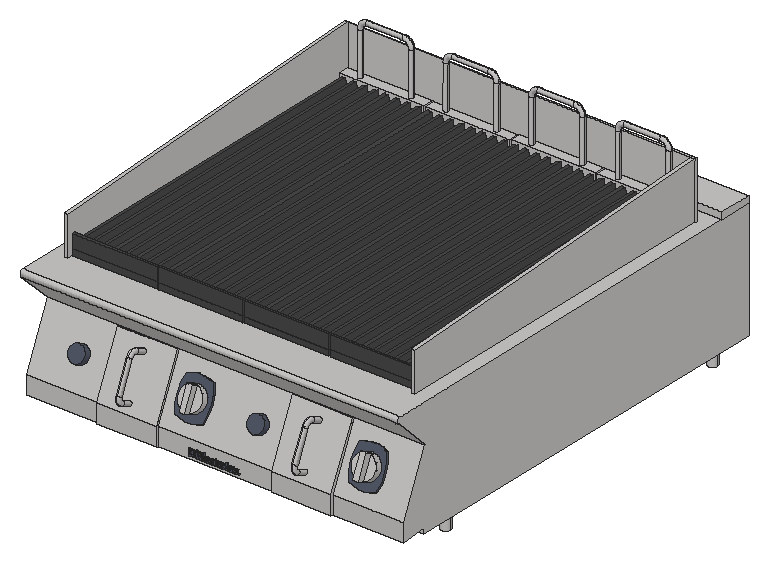
Revit family "QF_ELECTROLUXPROFESSIONAL_391187_E9GRTHGC0P", category Specialty Equipment, Revit 2018 (continued)
Automatic sketch dimensions
  Extrusion 17 sketch curve to Extrusion 17 sketch curve = 1.557 mm
  Extrusion 17 sketch curve to Extrusion 17 sketch curve = 2.499 mm
  Extrusion 17 sketch curve to Extrusion 17 sketch curve = 3.062 mm
  Extrusion 17 sketch curve to Extrusion 17 sketch curve = 2.968 mm
  Extrusion 17 sketch curve to Extrusion 17 sketch curve = 5.044 mm
  Extrusion 17 sketch curve to Extrusion 17 sketch curve = 0.629 mm  (x2)
  Extrusion 17 sketch curve to Extrusion 17 sketch curve = 1.131 mm
  Extrusion 17 sketch curve to Extrusion 17 sketch curve = 0.137 mm
  Extrusion 17 sketch curve to Extrusion 17 sketch curve = 0.027 mm
  Extrusion 17 sketch curve to Extrusion 17 sketch curve = 2.235 mm
  Split face 1 sketch curve to Split face 1 sketch curve = 9.684 mm
  Split face 1 sketch curve to Split face 1 sketch curve = 18.622 mm
  Split face 1 sketch curve to Split face 1 sketch curve = 2.959 mm
  Split face 1 sketch curve to Split face 1 sketch curve = 21.994 mm
  Split face 1 sketch curve to Split face 1 sketch curve = 5.035 mm
  Split face 1 sketch curve to Split face 1 sketch curve = 10.085 mm
  Split face 1 sketch curve to Split face 1 sketch curve = 5.244 mm
  Split face 2 sketch curve to Split face 2 sketch curve = 9.635 mm
  Split face 2 sketch curve to Split face 2 sketch curve = 17.821 mm
  Split face 2 sketch curve to Split face 2 sketch curve = 4.557 mm
  Split face 2 sketch curve to Split face 2 sketch curve = 14.42 mm
  Split face 2 sketch curve to Split face 2 sketch curve = 22.055 mm
  Split face 2 sketch curve to Split face 2 sketch curve = 3.318 mm
  Extrusion 18 sketch curve to plane 12 = 113.904 mm
  Extrusion 18 sketch curve to Extrusion 18 sketch curve = 0 mm
  Extrusion 18 sketch curve to Extrusion 18 sketch curve = 12.3 mm  (x3)
  Extrusion 18 sketch curve to Extrusion 18 sketch curve = 34.925 mm  (x2)
  Extrusion 18 sketch curve to Extrusion 18 sketch curve = 46.691 mm
  Extrusion 18 sketch curve to Extrusion 18 sketch curve = 0.617 mm
  Extrusion 18 sketch curve to Extrusion 18 sketch curve = 28.57 mm
  Extrusion 18 sketch curve to Extrusion 18 sketch curve = 29.185 mm
  Split face 3 sketch curve to Split face 3 sketch curve = 9.684 mm
  Split face 3 sketch curve to Split face 3 sketch curve = 18.622 mm
  Split face 3 sketch curve to Split face 3 sketch curve = 2.959 mm
  Split face 3 sketch curve to Split face 3 sketch curve = 21.994 mm
  Split face 3 sketch curve to Split face 3 sketch curve = 5.035 mm
  Split face 3 sketch curve to Split face 3 sketch curve = 10.085 mm
  Split face 3 sketch curve to Split face 3 sketch curve = 5.244 mm
  Split face 4 sketch curve to Split face 4 sketch curve = 9.635 mm
  Split face 4 sketch curve to Split face 4 sketch curve = 17.821 mm
  Split face 4 sketch curve to Split face 4 sketch curve = 4.557 mm
  Split face 4 sketch curve to Split face 4 sketch curve = 14.42 mm
  Split face 4 sketch curve to Split face 4 sketch curve = 22.055 mm
  Split face 4 sketch curve to Split face 4 sketch curve = 3.318 mm
  plane 13 to Sweep 19 sketch curve = 5.713 mm
  plane 13 to Sweep 19 sketch curve = 11.94 mm
  Sweep 19 sketch curve to Sweep 19 sketch curve = 5.31 mm  (x3)
  Sweep 19 sketch curve to Sweep 19 sketch curve = 20.629 mm  (x2)
  plane 13 to Sweep 19 sketch curve = 33.261 mm
  Sweep 19 sketch curve to Sweep 19 sketch curve = 11.537 mm  (x2)
  plane 9 to Sweep 19 sketch curve = 63.498 mm
  Sweep 19 sketch curve to Sweep 19 sketch curve = 9.495 mm
  Sweep 19 sketch curve to Sweep 19 sketch curve = 59.852 mm
  Sweep 19 sketch curve to Sweep 19 sketch curve = 2.042 mm
  Sweep 19 sketch curve to profile plane = 0 mm  (x2)
  plane 13 to Sweep 20 sketch curve = 5.713 mm
  plane 13 to Sweep 20 sketch curve = 11.94 mm
  Sweep 20 sketch curve to Sweep 20 sketch curve = 11.537 mm  (x2)
  Sweep 20 sketch curve to Sweep 20 sketch curve = 20.629 mm  (x2)
  plane 13 to Sweep 20 sketch curve = 33.261 mm
  Sweep 20 sketch curve to Sweep 20 sketch curve = 5.31 mm  (x2)
  Sweep 20 sketch curve to plane 6 "TOP" = 95.082 mm
  Sweep 20 sketch curve to Sweep 20 sketch curve = 6.227 mm
  Sweep 20 sketch curve to Sweep 20 sketch curve = 9.495 mm  (x2)
  Sweep 20 sketch curve to Sweep 20 sketch curve = 59.852 mm
  profile plane to Sweep 20 sketch curve = 0 mm
  Sweep 20 sketch curve to profile plane = 0 mm
  Extrusion 21 sketch curve to plane 12 = 25.525 mm
  plane 1 "BACK" to Extrusion 21 sketch curve = 130.285 mm  (x2)
  Extrusion 21 sketch curve to Extrusion 21 sketch curve = 0 mm  (x4)
  Extrusion 21 sketch curve to plane 11 = 25.625 mm
  Extrusion 21 sketch curve to plane 7 "Center Y" = 1.55 mm
  Extrusion 21 sketch curve to plane 8 "Center X" = 371.985 mm  (x2)
  Extrusion 21 sketch curve to Extrusion 21 sketch curve = 180.112 mm
  Extrusion 21 sketch curve to Extrusion 21 sketch curve = 3.2 mm  (x2)
  plane 7 "Center Y" to Extrusion 21 sketch curve = 1.65 mm
  Extrusion 21 sketch curve to Extrusion 21 sketch curve = 178.512 mm
  plane 7 "Center Y" to Extrusion 22 sketch curve = 1.65 mm
  plane 1 "BACK" to Extrusion 22 sketch curve = 107.795 mm  (x2)
  Extrusion 22 sketch curve to plane 11 = 25.625 mm
  Extrusion 22 sketch curve to Extrusion 22 sketch curve = 0 mm  (x4)
  Extrusion 22 sketch curve to Extrusion 22 sketch curve = 22.49 mm  (x2)
  Extrusion 22 sketch curve to Extrusion 22 sketch curve = 180.112 mm
  Extrusion 22 sketch curve to Extrusion 22 sketch curve = 3.2 mm  (x2)
  Extrusion 22 sketch curve to plane 7 "Center Y" = 1.55 mm
  Extrusion 22 sketch curve to Extrusion 22 sketch curve = 178.513 mm
  Extrusion 22 sketch curve to plane 12 = 25.525 mm
  nested 1 to Extrusion 23 sketch curve = 702.786 mm
  Extrusion 23 sketch curve to nested 1 = 0 mm
  nested 1 to Extrusion 23 sketch curve = 707.289 mm
  Extrusion 23 sketch curve to Extrusion 23 sketch curve = 29.008 mm
  nested 1 to Extrusion 23 sketch curve = 524.806 mm
  nested 1 to Extrusion 23 sketch curve = 521.643 mm
  Extrusion 23 sketch curve to Extrusion 23 sketch curve = 0.491 mm  (x4)
  nested 1 to Extrusion 23 sketch curve = 345.244 mm
  Extrusion 23 sketch curve to Extrusion 23 sketch curve = 27.385 mm  (x2)
  nested 1 to Extrusion 23 sketch curve = 526.147 mm
  nested 1 to Extrusion 23 sketch curve = 342.082 mm
  nested 1 to Extrusion 23 sketch curve = 165.682 mm
  nested 1 to Extrusion 23 sketch curve = 346.585 mm
  nested 1 to Extrusion 23 sketch curve = 162.52 mm
  nested 1 to Extrusion 23 sketch curve = 167.024 mm
  Extrusion 23 sketch curve to nested 1 = 15.46 mm
  plane 6 "TOP" to Sweep 24 sketch curve = 37.056 mm  (x2)
  Sweep 24 sketch curve to plane 10 = 20.058 mm  (x2)
  Sweep 24 sketch curve to plane 10 = 4.818 mm
  Sweep 24 sketch curve to plane 11 = 169.265 mm
  Sweep 24 sketch curve to plane 11 = 76.583 mm
  Sweep 24 sketch curve to profile plane = 0 mm
  profile plane to Sweep 24 sketch curve = 0 mm
  plane 6 "TOP" to Sweep 25 sketch curve = 37.056 mm  (x2)
  Sweep 25 sketch curve to plane 10 = 20.058 mm  (x2)
  Sweep 25 sketch curve to plane 10 = 4.818 mm
  Sweep 25 sketch curve to plane 7 "Center Y" = 38.079 mm
  Sweep 25 sketch curve to Sweep 25 sketch curve = 77.443 mm
  Sweep 25 sketch curve to profile plane = 0 mm
  profile plane to Sweep 25 sketch curve = 0 mm
  Extrusion 26 sketch curve to plane 6 "TOP" = 0 mm
  Extrusion 26 sketch curve to plane 10 = 27.638 mm
  plane 1 "BACK" to Extrusion 26 sketch curve = 104.885 mm
  Extrusion 26 sketch curve to plane 5 "FRONT" = 82 mm
  Extrusion 26 sketch curve to plane 10 = 66.495 mm
  Extrusion 27 sketch curve to Extrusion 26 = 0 mm  (x3)
  Extrusion 27 sketch curve to Extrusion 26 = 736.3 mm
  plane 6 "TOP" to Sweep 28 sketch curve = 37.056 mm  (x2)
  Sweep 28 sketch curve to plane 10 = 20.058 mm  (x2)
  Sweep 28 sketch curve to plane 10 = 4.818 mm
  Sweep 28 sketch curve to plane 12 = 62.024 mm
  Sweep 28 sketch curve to Sweep 28 sketch curve = 77.443 mm
  Sweep 28 sketch curve to profile plane = 0 mm
  profile plane to Sweep 28 sketch curve = 0 mm
  plane 6 "TOP" to Sweep 29 sketch curve = 37.056 mm  (x2)
  Sweep 29 sketch curve to plane 10 = 20.058 mm  (x2)
  Sweep 29 sketch curve to plane 10 = 4.818 mm
  plane 7 "Center Y" to Sweep 29 sketch curve = 143.679 mm
  plane 7 "Center Y" to Sweep 29 sketch curve = 50.997 mm
  Sweep 29 sketch curve to profile plane = 0 mm
  profile plane to Sweep 29 sketch curve = 0 mm
  plane 1 "BACK" to Extrusion 30 sketch curve = 0 mm
  Extrusion 30 sketch curve to plane 3 "LEFT" = 0 mm
  plane 1 "BACK" to Extrusion 30 sketch curve = 69.85 mm
  Extrusion 30 sketch curve to plane 4 "RIGHT" = 0.1 mm
  Extrusion 31 sketch curve to plane 6 "TOP" = 0 mm
  Extrusion 31 sketch curve to plane 10 = 27.638 mm
  plane 1 "BACK" to Extrusion 31 sketch curve = 104.885 mm
  Extrusion 31 sketch curve to plane 5 "FRONT" = 82 mm
  Extrusion 31 sketch curve to plane 10 = 66.495 mm
  Extrusion 32 sketch curve to Extrusion 1 = 52.1 mm
  plane 5 "FRONT" to curve 21 = 0 mm
  plane 1 "BACK" to curve 24 = 0 mm
  curve 24 to plane 3 "LEFT" = 0 mm
  plane 5 "FRONT" to curve 3 = 0 mm
  curve 25 to plane 4 "RIGHT" = 0 mm
  plane 5 "FRONT" to curve 19 = 0 mm
  curve 20 to plane 3 "LEFT" = 150.019 mm
  curve 46 to plane 11 = 17.675 mm
  curve 43 to curve 44 = 6.35 mm
  curve 44 to curve 34 = 1.6 mm
  curve 68 to curve 74 = 35.691 mm
  plane 13 to curve 18 = 24.379 mm
  curve 18 to plane 11 = 140.15 mm
  curve 72 to curve 72 = 107.969 mm
  curve 3 to curve 18 = 57.928 mm
  curve 4 to curve 7 = 0 mm
  curve 7 to curve 8 = 4.572 mm
  curve 3 to curve 34 = 65.587 mm
  curve 35 to curve 37 = 3.2 mm
  curve 60 to curve 64 = 34.091 mm
  plane 13 to curve 1 = 24.379 mm
  curve 2 to curve 1 = 59.928 mm
  curve 64 to plane 7 "Center Y" = 38.003 mm
  curve 60 to plane 7 "Center Y" = 1.55 mm
  plane 7 "Center Y" to curve 54 = 1.65 mm
  plane 7 "Center Y" to curve 58 = 35.741 mm
  plane 13 to curve 11 = 24.379 mm
  plane 7 "Center Y" to curve 11 = 121.95 mm
  curve 55 to curve 57 = 107.969 mm
  curve 56 to curve 52 = 36.453 mm
  plane 13 to curve 16 = 4.565 mm
  curve 11 to curve 16 = 59.803 mm
  curve 12 to curve 15 = 0 mm
  curve 51 to curve 31 = 3.2 mm
  curve 16 to curve 16 = 4.572 mm
  curve 31 to curve 50 = 35.691 mm
  plane 14 to curve 9 = 99.05 mm
  plane 14 to curve 47 = 20.978 mm
  curve 31 to plane 14 = 15.475 mm
  curve 30 to curve 29 = 1.5 mm
  curve 28 to curve 46 = 6.35 mm  (x2)
  curve 20 to plane 4 "RIGHT" = 152 mm
  plane 13 to curve 8 = 4.565 mm
  curve 17 to curve 10 = 0 mm
  curve 17 to curve 13 = 46.357 mm
  curve 18 to curve 7 = 46.357 mm
  curve 5 to curve 6 = 0 mm
  curve 12 to curve 13 = 0 mm
  curve 12 to curve 12 = 1.912 mm
  curve 5 to curve 5 = 1.912 mm
  curve 29 to plane 5 "FRONT" = 82 mm
  curve 43 to plane 5 "FRONT" = 82 mm
  curve 67 to plane 5 "FRONT" = 93.015 mm
  curve 67 to curve 62 = 0 mm
  curve 51 to plane 5 "FRONT" = 93.015 mm
  curve 29 to curve 30 = 11.015 mm
  curve 30 to curve 41 = 5 mm
  curve 67 to curve 35 = 5 mm
  curve 38 to curve 39 = 5 mm
  curve 37 to curve 39 = 0 mm
  plane 1 "BACK" to curve 61 = 130.285 mm
  plane 1 "BACK" to curve 32 = 130.285 mm
  curve 53 to curve 32 = 0 mm
  plane 1 "BACK" to curve 69 = 130.285 mm
  curve 53 to curve 55 = 6.941 mm
  curve 61 to curve 63 = 6.941 mm
  curve 69 to curve 71 = 6.941 mm
  curve 32 to curve 47 = 6.941 mm
  curve 47 to curve 49 = 4.572 mm
  curve 55 to curve 58 = 4.572 mm
  curve 71 to curve 73 = 4.572 mm
  curve 63 to curve 65 = 4.572 mm
  curve 61 to curve 60 = 22.49 mm
  curve 32 to curve 31 = 22.49 mm
  curve 59 to curve 54 = 0 mm
  curve 69 to curve 70 = 22.49 mm
  curve 30 to curve 28 = 2.91 mm
  curve 27 to curve 26 = 28.685 mm
  curve 20 to plane 1 "BACK" = 203 mm
  radius of Extrusion 2 sketch curve = 9.525 mm  (x4)
  radius of Extrusion 4 sketch curve = 17.8 mm
  radius of Sweep 6 sketch curve = 4.572 mm
  radius of Extrusion 7 sketch curve = 17.8 mm
  radius of Sweep 9 sketch curve = 4.572 mm
  radius of Extrusion 13 sketch curve = 25.4 mm
  radius of Extrusion 14 sketch curve to Extrusion 13 = 0 mm  (x2)
  radius of Extrusion 15 sketch curve = 25.4 mm
  radius of Extrusion 16 sketch curve to Extrusion 15 = 0 mm  (x2)
  radius of Sweep 19 sketch curve = 4.572 mm
  radius of Sweep 20 sketch curve = 4.572 mm
  radius of Sweep 24 sketch curve = 4.572 mm
  radius of Sweep 25 sketch curve = 4.572 mm
  radius of Sweep 28 sketch curve = 4.572 mm
  radius of Sweep 29 sketch curve = 4.572 mm
  radius of Extrusion 33 sketch curve = 6.35 mm
  radius of Extrusion 32 sketch curve = 6.35 mm
Nested families
  nested 1: "391187_QF_Electrolux_GRILL" at (39.571, -130.285, 287.7), type "391187_QF_Electrolux_GRILL"
    with Type Mark "", Specification by User "", Revision Code "", Item Number "", Installed By "", Identify Quantity as Lot yes, Furnished By "", Foodservice Equipment Identifier yes
  nested 2: "391187_QF_Electrolux_GRILL" at (747.729, -130.285, 287.7), type "391187_QF_Electrolux_GRILL"
    with Type Mark "", Specification by User "", Revision Code "", Item Number "", Installed By "", Identify Quantity as Lot yes, Furnished By "", Foodservice Equipment Identifier yes
  nested 3: "391187_QF_Electrolux_GRILL" at (62.414, -130.285, 287.7), type "391187_QF_Electrolux_GRILL"
    with Type Mark "", Specification by User "", Revision Code "", Item Number "", Installed By "", Identify Quantity as Lot yes, Furnished By "", Foodservice Equipment Identifier yes
  nested 4: "391187_QF_Electrolux_GRILL" at (85.258, -130.285, 287.7), type "391187_QF_Electrolux_GRILL"
    with Type Mark "", Specification by User "", Revision Code "", Item Number "", Installed By "", Identify Quantity as Lot yes, Furnished By "", Foodservice Equipment Identifier yes
  nested 5: "391187_QF_Electrolux_GRILL" at (108.102, -130.285, 287.7), type "391187_QF_Electrolux_GRILL"
    with Type Mark "", Specification by User "", Revision Code "", Item Number "", Installed By "", Identify Quantity as Lot yes, Furnished By "", Foodservice Equipment Identifier yes
  nested 6: "391187_QF_Electrolux_GRILL" at (130.946, -130.285, 287.7), type "391187_QF_Electrolux_GRILL"
    with Type Mark "", Specification by User "", Revision Code "", Item Number "", Installed By "", Identify Quantity as Lot yes, Furnished By "", Foodservice Equipment Identifier yes
  nested 7: "391187_QF_Electrolux_GRILL" at (153.79, -130.285, 287.7), type "391187_QF_Electrolux_GRILL"
    with Type Mark "", Specification by User "", Revision Code "", Item Number "", Installed By "", Identify Quantity as Lot yes, Furnished By "", Foodservice Equipment Identifier yes
  nested 8: "391187_QF_Electrolux_GRILL" at (176.634, -130.285, 287.7), type "391187_QF_Electrolux_GRILL"
    with Type Mark "", Specification by User "", Revision Code "", Item Number "", Installed By "", Identify Quantity as Lot yes, Furnished By "", Foodservice Equipment Identifier yes
  nested 9: "391187_QF_Electrolux_GRILL" at (199.477, -130.285, 287.7), type "391187_QF_Electrolux_GRILL"
    with Type Mark "", Specification by User "", Revision Code "", Item Number "", Installed By "", Identify Quantity as Lot yes, Furnished By "", Foodservice Equipment Identifier yes
  nested 10: "391187_QF_Electrolux_GRILL" at (222.321, -130.285, 287.7), type "391187_QF_Electrolux_GRILL"
    with Type Mark "", Specification by User "", Revision Code "", Item Number "", Installed By "", Identify Quantity as Lot yes, Furnished By "", Foodservice Equipment Identifier yes
  nested 11: "391187_QF_Electrolux_GRILL" at (245.165, -130.285, 287.7), type "391187_QF_Electrolux_GRILL"
    with Type Mark "", Specification by User "", Revision Code "", Item Number "", Installed By "", Identify Quantity as Lot yes, Furnished By "", Foodservice Equipment Identifier yes
  nested 12: "391187_QF_Electrolux_GRILL" at (268.009, -130.285, 287.7), type "391187_QF_Electrolux_GRILL"
    with Type Mark "", Specification by User "", Revision Code "", Item Number "", Installed By "", Identify Quantity as Lot yes, Furnished By "", Foodservice Equipment Identifier yes
  nested 13: "391187_QF_Electrolux_GRILL" at (290.853, -130.285, 287.7), type "391187_QF_Electrolux_GRILL"
    with Type Mark "", Specification by User "", Revision Code "", Item Number "", Installed By "", Identify Quantity as Lot yes, Furnished By "", Foodservice Equipment Identifier yes
  nested 14: "391187_QF_Electrolux_GRILL" at (313.697, -130.285, 287.7), type "391187_QF_Electrolux_GRILL"
    with Type Mark "", Specification by User "", Revision Code "", Item Number "", Installed By "", Identify Quantity as Lot yes, Furnished By "", Foodservice Equipment Identifier yes
  nested 15: "391187_QF_Electrolux_GRILL" at (336.54, -130.285, 287.7), type "391187_QF_Electrolux_GRILL"
    with Type Mark "", Specification by User "", Revision Code "", Item Number "", Installed By "", Identify Quantity as Lot yes, Furnished By "", Foodservice Equipment Identifier yes
  nested 16: "391187_QF_Electrolux_GRILL" at (359.384, -130.285, 287.7), type "391187_QF_Electrolux_GRILL"
    with Type Mark "", Specification by User "", Revision Code "", Item Number "", Installed By "", Identify Quantity as Lot yes, Furnished By "", Foodservice Equipment Identifier yes
  nested 17: "391187_QF_Electrolux_GRILL" at (382.228, -130.285, 287.7), type "391187_QF_Electrolux_GRILL"
    with Type Mark "", Specification by User "", Revision Code "", Item Number "", Installed By "", Identify Quantity as Lot yes, Furnished By "", Foodservice Equipment Identifier yes
  nested 18: "391187_QF_Electrolux_GRILL" at (405.072, -130.285, 287.7), type "391187_QF_Electrolux_GRILL"
    with Type Mark "", Specification by User "", Revision Code "", Item Number "", Installed By "", Identify Quantity as Lot yes, Furnished By "", Foodservice Equipment Identifier yes
  nested 19: "391187_QF_Electrolux_GRILL" at (427.916, -130.285, 287.7), type "391187_QF_Electrolux_GRILL"
    with Type Mark "", Specification by User "", Revision Code "", Item Number "", Installed By "", Identify Quantity as Lot yes, Furnished By "", Foodservice Equipment Identifier yes
  nested 20: "391187_QF_Electrolux_GRILL" at (450.76, -130.285, 287.7), type "391187_QF_Electrolux_GRILL"
    with Type Mark "", Specification by User "", Revision Code "", Item Number "", Installed By "", Identify Quantity as Lot yes, Furnished By "", Foodservice Equipment Identifier yes
  nested 21: "391187_QF_Electrolux_GRILL" at (473.603, -130.285, 287.7), type "391187_QF_Electrolux_GRILL"
    with Type Mark "", Specification by User "", Revision Code "", Item Number "", Installed By "", Identify Quantity as Lot yes, Furnished By "", Foodservice Equipment Identifier yes
  nested 22: "391187_QF_Electrolux_GRILL" at (496.447, -130.285, 287.7), type "391187_QF_Electrolux_GRILL"
    with Type Mark "", Specification by User "", Revision Code "", Item Number "", Installed By "", Identify Quantity as Lot yes, Furnished By "", Foodservice Equipment Identifier yes
  nested 23: "391187_QF_Electrolux_GRILL" at (519.291, -130.285, 287.7), type "391187_QF_Electrolux_GRILL"
    with Type Mark "", Specification by User "", Revision Code "", Item Number "", Installed By "", Identify Quantity as Lot yes, Furnished By "", Foodservice Equipment Identifier yes
  nested 24: "391187_QF_Electrolux_GRILL" at (542.135, -130.285, 287.7), type "391187_QF_Electrolux_GRILL"
    with Type Mark "", Specification by User "", Revision Code "", Item Number "", Installed By "", Identify Quantity as Lot yes, Furnished By "", Foodservice Equipment Identifier yes
  nested 25: "391187_QF_Electrolux_GRILL" at (564.979, -130.285, 287.7), type "391187_QF_Electrolux_GRILL"
    with Type Mark "", Specification by User "", Revision Code "", Item Number "", Installed By "", Identify Quantity as Lot yes, Furnished By "", Foodservice Equipment Identifier yes
  nested 26: "391187_QF_Electrolux_GRILL" at (587.823, -130.285, 287.7), type "391187_QF_Electrolux_GRILL"
    with Type Mark "", Specification by User "", Revision Code "", Item Number "", Installed By "", Identify Quantity as Lot yes, Furnished By "", Foodservice Equipment Identifier yes
  nested 27: "391187_QF_Electrolux_GRILL" at (610.666, -130.285, 287.7), type "391187_QF_Electrolux_GRILL"
    with Type Mark "", Specification by User "", Revision Code "", Item Number "", Installed By "", Identify Quantity as Lot yes, Furnished By "", Foodservice Equipment Identifier yes
  nested 28: "391187_QF_Electrolux_GRILL" at (633.51, -130.285, 287.7), type "391187_QF_Electrolux_GRILL"
    with Type Mark "", Specification by User "", Revision Code "", Item Number "", Installed By "", Identify Quantity as Lot yes, Furnished By "", Foodservice Equipment Identifier yes
  nested 29: "391187_QF_Electrolux_GRILL" at (656.354, -130.285, 287.7), type "391187_QF_Electrolux_GRILL"
    with Type Mark "", Specification by User "", Revision Code "", Item Number "", Installed By "", Identify Quantity as Lot yes, Furnished By "", Foodservice Equipment Identifier yes
  nested 30: "391187_QF_Electrolux_GRILL" at (679.198, -130.285, 287.7), type "391187_QF_Electrolux_GRILL"
    with Type Mark "", Specification by User "", Revision Code "", Item Number "", Installed By "", Identify Quantity as Lot yes, Furnished By "", Foodservice Equipment Identifier yes
  nested 31: "391187_QF_Electrolux_GRILL" at (702.042, -130.285, 287.7), type "391187_QF_Electrolux_GRILL"
    with Type Mark "", Specification by User "", Revision Code "", Item Number "", Installed By "", Identify Quantity as Lot yes, Furnished By "", Foodservice Equipment Identifier yes
  nested 32: "391187_QF_Electrolux_GRILL" at (724.886, -130.285, 287.7), type "391187_QF_Electrolux_GRILL"
    with Type Mark "", Specification by User "", Revision Code "", Item Number "", Installed By "", Identify Quantity as Lot yes, Furnished By "", Foodservice Equipment Identifier yes
Connectors
  piping at (748, -663, 15), diameter 12.8
    settings: on Extrusion 32, index 1, connector inside diameter 0.50394", connector length 0 mm, flow factor 0, pipe flow 0 GPM, pressure drop 0.00 psi, fitting loss kfactor 0, connector angle 0.00°, fixture units 0, engagement length 0 mm, angle of deflection 0.00°, flow configuration 1, flow direction 1, fitting loss method 0, system type 7, joint type 0, gender type 0, connector reference index -1, connector utility 0, adjustable connector no, is connector primary yes, connector description "GAS CONNECTION"
  piping at (748, -50, 78), diameter 12.8
    settings: on Extrusion 33, index 2, connector inside diameter 0.50394", connector length 0 mm, flow factor 0, pipe flow 0 GPM, pressure drop 0.00 psi, fitting loss kfactor 0, connector angle 0.00°, fixture units 0, engagement length 0 mm, angle of deflection 0.00°, flow configuration 1, flow direction 1, fitting loss method 0, system type 7, joint type 0, gender type 0, connector reference index -1, connector utility 0, adjustable connector no, is connector primary no, connector description "GAS CONNECTION"
Definition of nested family "391187_QF_Electrolux_GRILL"
  Parameters
    Weight in Pounds = 0
    URL Cutsheet = ""
    URL = ""
    Type Mark [instance] = ""
    Specification by User [instance] = ""
    Specification by Manufacturer = ""
    Serial Number = ""
    Seismic Rating = ""
    SMACNA No = ""
    Revision Code [instance] = ""
    Omniclass Number and Title = ""
    NAFEM Spec ID Number = ""
    Model = ""
    Masterspec = ""
    Manufacturer = ""
    Item Number [instance] = ""
    Installed By [instance] = ""
    Identify Quantity as Lot [instance] = yes
    Furnished By [instance] = ""
    Foodservice Equipment Identifier [instance] = yes
    Description = ""
    CSI MasterFormat = ""
    CSI Master Format = ""
    Assembly Code = ""
  Reference planes
    plane 1 "BACK": y = 0
    plane 2: z = 0
    plane 3 "LEFT": x = 0
    plane 4 "RIGHT": x = 12.7
    plane 5 "FRONT": y = -701.7
    plane 6 "TOP": z = 19.576
    plane 7 "Center Y": x = 6.35
    plane 8 "Center X": y = -350.85
    plane 9: y = -147.637
  Forms (mm)
    Extrusion 1, solid
      sketch origin (-1.421, -501.68, -12.7) x (1, 0, 0) y (0, 0, 1)
        loop
          line (1.421, 12.7) -> (14.121, 12.7) -> (11.081, 32.276) -> (4.46, 32.276) -> (1.421, 12.7)
      from 200.02 to -501.68
  Lines and regions (mm)
    symbolic lines
      curve 1: line (0, 0, 0) -> (12.7, 0, 0)
      curve 2: line (0, -701.7, 0) -> (0, 0, 0)
      curve 3: line (12.7, -701.7, 0) -> (0, -701.7, 0)
      curve 4: line (12.7, 0, 0) -> (12.7, -701.7, 0)
  Dimensions and locks
    equal spacing: plane 3 "LEFT", plane 7 "Center Y", plane 4 "RIGHT"
    plane 3 "LEFT" to plane 4 "RIGHT" = 12.7 mm
    equal spacing: plane 5 "FRONT", plane 8 "Center X", plane 1 "BACK"
    plane 5 "FRONT" to plane 1 "BACK" = 701.7 mm
    plane 6 "TOP" to level = 19.576 mm
    plane 1 "BACK" to plane 5 "FRONT" = 701.7 mm
    aligned and locked: level to plane 2
  Automatic sketch dimensions
    Extrusion 1 sketch curve to level = 0 mm
    Extrusion 1 sketch curve to plane 3 "LEFT" = 0 mm
    Extrusion 1 sketch curve to plane 6 "TOP" = 0 mm
    Extrusion 1 sketch curve to plane 4 "RIGHT" = 0 mm
    plane 3 "LEFT" to Extrusion 1 sketch curve = 3.039 mm
    Extrusion 1 sketch curve to plane 4 "RIGHT" = 3.039 mm
    curve 3 to plane 3 "LEFT" = 0 mm
    curve 3 to plane 4 "RIGHT" = 0 mm
    plane 5 "FRONT" to curve 3 = 0 mm
    plane 1 "BACK" to curve 2 = 0 mm
